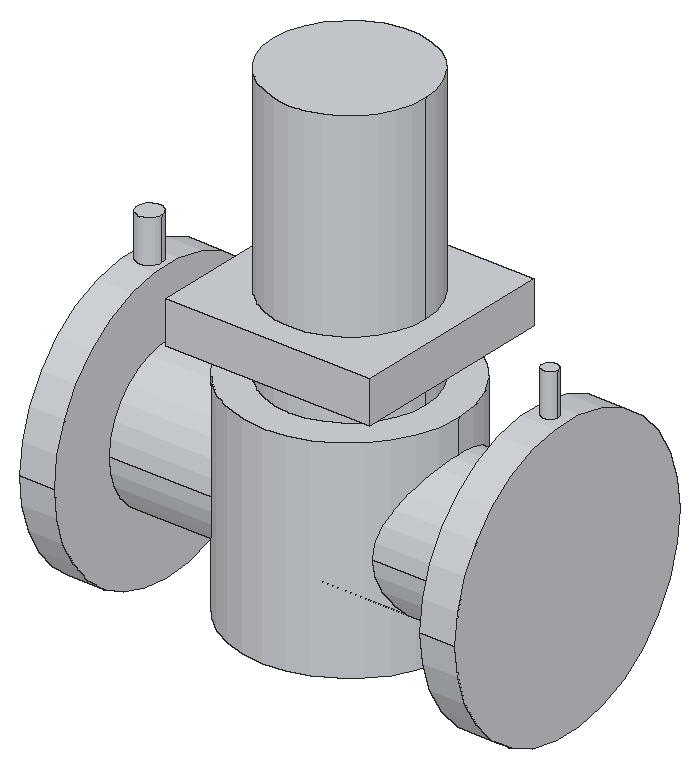
Revit family "PV_Compact_PN25_DN080_(20-100kPa)_RFA_2018", category Pipe Accessories, Revit 2018
Family settings
  Round Connector Dimension = Use Diameter
  Part Type = Valve - Breaks Into
  Work Plane-Based = No
  Always vertical = Yes
  Cut with Voids When Loaded = No
  Shared = No
Parameters (values of type "PV Compact PN25 DN080 (20-100kPa)")
  magiProductId = "a1826ed98cb744f2bf0249353d27a7"
  magiProductFamilyId = "7c5767a2a396495b8f1e69654734b4"
  magiPartTypeId = 304
  isMeasuringValve [instance] = no
  ang2D [instance] = 0.00°
  W2D = 50 mm
  VersionID = "2.0/2018.12.13.2/FRESE_PV_COMPACT_BIG_Q13_001"
  Use Minimum Symbol Size [instance] = no
  URL = "www.hydronic.cz"
  Type Comments = "PŘÍRUBOVÝ; PN25; dpmax=1000kPa; -10~+120°C"
  R4 = 54.25 mm
  R3 = 52 mm
  R1 = 77.5 mm
  QmdConnectorList = "301;D;302;D"
  Productdata [instance] = ""
  Manufacturer = "Hydronic Systems Prague s.r.o."
  Maintenance Zone Under Depth [instance] = 100 mm
  Maintenance Zone Right Depth [instance] = 100 mm
  Maintenance Zone Over Depth [instance] = 100 mm
  Maintenance Zone Left Depth [instance] = 100 mm
  Maintenance Zone Front Depth [instance] = 100 mm
  Maintenance Zone Back Depth [instance] = 100 mm
  Maintenance Zone Front Visibility [instance] = no
  MC Use Limits From Balancing Method = no
  MC Throttling Minimum Value = 0
  MC Throttling Maximum Value = 0
  MC Product Code = "53-3326 DN080 PN25; nastavitelný rozsah dp=20~100kPa; Q=7,5~30,0 m3/h;  kvs=67"
  MC Pressure Drop Minimum Value = 0.0 Pa
  MC Pressure Drop Maximum Value = 0.0 Pa
  MC Piping Given Pressure Drop [instance] = 0.0 Pa
  LF__ve = -LF  # -24.8 mm
  LF2 = 12.4 mm
  LF = 24.8 mm
  L4 = 145.7 mm
  L3 = 260.4 mm
  L2D_Min = 30.48 mm
  L2D = 230 mm
  L2 = 155 mm
  H6 = 141 mm
  H4 = 30 mm
  H3 = 25 mm
  H2 = 75 mm
  H1 = 150 mm
  Description = "Nastavitelný regulátor tlakové diference"
  DF2 = 100 mm
  D = 80 mm
  Clearance Zone Height Depth [instance] = 100 mm
  Clearance Zone Circular Radius [instance] = 155 mm
  Clearance Zone Visibility [instance] = no
  CAT0 = yes
Types (7, lengths in mm): name | magiProductId | Type Comments | R4 | R3 | R1 | MC Product Code | LF__ve | LF2 | LF | L4 | L3 | L2 | H6 | H4 | H3 | H2 | H1 | DF2 | D | Clearance Zone Circular Radius
  PV Compact PN25 DN050 (20-100kPa) | "c83fbc6219d94d148ccf13b963e54b" | "PŘÍRUBOVÝ; PN25; dpmax=1000kPa; -10~+120°C" | 40.25 | 42.9 | 57.5 | "53-3320 DN050 PN25; nastavitelný rozsah dp=20~100kPa; Q=3,2~13,0 m3/h;  kvs=29" | -18.4 | 9.2 | 18.4 | 108.1 | 193.2 | 115 | 82.25 | 24.75 | 20.625 | 61.875 | 123.75 | 82.5 | 50 | 115
  PV Compact PN25 DN065 (20-100kPa) | "130d70b5f9404660882d0b277b908a" | "PŘÍRUBOVÝ; PN25; dpmax=1000kPa; -10~+120°C" | 50.75 | 48.1 | 72.5 | "53-3323 DN065 PN25; nastavitelný rozsah dp=20~100kPa; Q=4,7~18,8 m3/h;  kvs=42" | -23.2 | 11.6 | 23.2 | 136.3 | 243.6 | 145 | 105.25 | 27.75 | 23.125 | 69.375 | 138.75 | 92.5 | 65 | 145
  PV Compact PN25 DN080 (20-100kPa) | "a1826ed98cb744f2bf0249353d27a7" | "PŘÍRUBOVÝ; PN25; dpmax=1000kPa; -10~+120°C" | 54.25 | 52 | 77.5 | "53-3326 DN080 PN25; nastavitelný rozsah dp=20~100kPa; Q=7,5~30,0 m3/h;  kvs=67" | -24.8 | 12.4 | 24.8 | 145.7 | 260.4 | 155 | 141 | 30 | 25 | 75 | 150 | 100 | 80 | 155
  PV Compact PN25 DN100 (20-100kPa) | "7cf36ffc9d0642d6874cd3d421d477" | "PŘÍRUBOVÝ; PN25; dpmax=1000kPa; -10~+120°C" | 61.25 | 61.1 | 87.5 | "53-3329 DN100 PN25; nastavitelný rozsah dp=20~100kPa; Q=12,9~51,4 m3/h;  kvs=115" | -28 | 14 | 28 | 164.5 | 294 | 175 | 234.75 | 35.25 | 29.375 | 88.125 | 176.25 | 117.5 | 100 | 175
  PV Compact PN25 DN125 (20-100kPa) | "79fb1938054147a099bb761cc75d0a" | "PŘÍRUBOVÝ; PN25; dpmax=1000kPa; -10~+120°C" | 70 | 70.2 | 100 | "53-3332 DN125 PN25; nastavitelný rozsah dp=20~100kPa; Q=19,0~76,0 m3/h;  kvs=170" | -32 | 16 | 32 | 188 | 336 | 200 | 225.5 | 40.5 | 33.75 | 101.25 | 202.5 | 135 | 125 | 200
  PV Compact PN25 DN150 (20-100kPa) | "9089b5560db447c5b770287446c8b2" | "PŘÍRUBOVÝ; PN25; dpmax=1000kPa; -10~+110°C" | 84 | 74.1 | 120 | "53-3335 DN150 PN25; nastavitelný rozsah dp=20~100kPa; Q=28,0~112 m3/h;  kvs=250" | -38.4 | 19.2 | 38.4 | 225.6 | 403.2 | 240 | 256.25 | 42.75 | 35.625 | 106.875 | 213.75 | 142.5 | 150 | 240
  PV Compact PN25 DN200 (20-100kPa) | "21d4a96559b243fabb2a9fe74f4fa1" | "PŘÍRUBOVÝ; PN25; dpmax=1000kPa; -10~+110°C" | 105 | 98.8 | 150 | "53-3338 DN200 PN25; nastavitelný rozsah dp=20~100kPa; Q=30,7~123 m3/h;  kvs=275" | -48 | 24 | 48 | 282 | 504 | 300 | 150 | 57 | 47.5 | 142.5 | 285 | 190 | 200 | 300
Reference planes
  plane 1 "Center (Front/Back)": y = 0
  plane 2 "XYPLANE": z = 0
  plane 3 "Center (Left/Right)": x = 0
  plane 4 "257": y = -100
  plane 5 "256": y = 100
  plane 6 "255": z = -100
  plane 7 "254": y = -200
  plane 8 "253": y = 200
  plane 9 "252": x = -255
  plane 10 "251": x = 255
  plane 11 "250": z = 371
  plane 12 "249": z = -200
  plane 13 "248": z = 371
  plane 14 "247": z = 271
  plane 15 "157": x = 142.6
  plane 16 "156": x = -142.6
  plane 17 "155": z = 100
  plane 18 "154": z = 130
  plane 19 "153": z = 100
  plane 20 "152": z = 75
  plane 21 "151": x = -130.2
  plane 22 "150": z = -75
  plane 23 "149": x = 0
  plane 24 "148": y = 0
  plane 25 "147": z = 0
  plane 26 "146": x = -155
  plane 27 "145": x = 155
Forms (mm)
  Blend 1, solid, visible <- "Maintenance Zone Front Visibility"
    base sketch origin (-750, 0, -200) x (1, 0, 0) y (0, 1, 0)
      loop
        line (495, 200) -> (495, -200) -> (1005, -200) -> (1005, 200) -> (495, 200)
    top sketch origin (-750, 0, -200) x (1, 0, 0) y (0, 1, 0)
      loop
        line (495, 200) -> (495, -200) -> (1005, -200) -> (1005, 200) -> (495, 200)
    from 0 to 571
  Blend 2, solid, visible <- "Clearance Zone Visibility"
    base sketch origin (-750, 0, 0) x (1, 0, 0) y (0, 1, 0)
      loop
        circle (750, 0) r 155
    top sketch origin (-750, 0, 0) x (1, 0, 0) y (0, 1, 0)
      loop
        circle (750, 0) r 155
    from 0 to 371
  Extrusion 3, solid, visible <- "CAT0"
    sketch origin (-750, 0, 100) x (1, 0, 0) y (0, 1, 0)
      loop
        circle (892.6, 0) r 5.5
    from 0 to 30
  Extrusion 4, solid, visible <- "CAT0"
    sketch origin (-750, 0, 100) x (1, 0, 0) y (0, 1, 0)
      loop
        circle (607.4, 0) r 8.7
    from 0 to 30
  Extrusion 5, solid
    sketch origin (-750, 0, 130) x (1, 0, 0) y (0, 1, 0)
      loop
        circle (750, 0) r 54.25
    from 0 to 141 <- "H6"
  Extrusion 6, solid, visible <- "CAT0"
    sketch origin (-750, 0, 100) x (1, 0, 0) y (0, 1, 0)
      loop
        line (822.85, 72.85) -> (677.15, 72.85) -> (677.15, -72.85) -> (822.85, -72.85) -> (822.85, 72.85)
    from 0 to 30 <- "H4"
  Extrusion 7, solid, visible <- "CAT0"
    sketch origin (-750, 0, 75) x (1, 0, 0) y (0, 1, 0)
      loop
        circle (750, 0) r 54.25
    from 0 to 25 <- "H3"
  Extrusion 8, solid, visible <- "CAT0"
    sketch origin (-130.2, -750, 0) x (0, 1, 0) y (0, 0, 1)
      loop
        circle (750, 0) r 52
    from 0 to 260.4 <- "L3"
  Extrusion 9, solid, visible <- "CAT0"
    sketch origin (-750, 0, -75) x (1, 0, 0) y (0, 1, 0)
      loop
        circle (750, 0) r 77.5
    from 0 to 150 <- "H1"
  Extrusion 10, solid, visible <- "CAT0"
    sketch origin (-155, -750, 0) x (0, 1, 0) y (0, 0, 1)
      loop
        circle (750, 0) r 100
    from 0 to 24.8 <- "LF"
  Extrusion 11, solid, visible <- "CAT0"
    sketch origin (155, -750, 0) x (0, 1, 0) y (0, 0, 1)
      loop
        circle (750, 0) r 100
    from 0 to -24.8 <- "LF__ve"
  Extrusion 12, solid, not visible
    sketch origin (-155, -750, 0) x (0, 1, 0) y (0, 0, 1)
      loop
        circle (750, 0) r 10
    from 0 to 10
  Extrusion 13, solid, not visible
    sketch origin (155, -750, 0) x (0, 1, 0) y (0, 0, 1)
      loop
        circle (750, 0) r 10
    from 0 to -10
Lines and regions (mm)
  reference lines, not visible
    curve 1: circle (2, 2, 0) r 1 normal (0, 0, 1)
  reference lines
    curve 2: circle (0, 0, 100) r 1 normal (0, 0, 1)
Dimensions and locks
  plane 1 "Center (Front/Back)" to curve 1 = 2 mm
  "DF2": plane 24 "148" to plane 4 "257"
  "DF2": plane 24 "148" to plane 5 "256"
  "DF2": plane 25 "147" to plane 6 "255"
  "Maintenance Zone Front Depth": plane 4 "257" to plane 7 "254"
  "Maintenance Zone Back Depth": plane 5 "256" to plane 8 "253"
  "Maintenance Zone Left Depth": plane 26 "146" to plane 9 "252"
  "Maintenance Zone Right Depth": plane 27 "145" to plane 10 "251"
  "Maintenance Zone Over Depth": plane 14 "247" to plane 11 "250"
  "Maintenance Zone Under Depth": plane 6 "255" to plane 12 "249"
  "Clearance Zone Height Depth": plane 14 "247" to plane 13 "248"
  "H6": plane 18 "154" to plane 14 "247"
  "LF2": plane 27 "145" to plane 15 "157"
  "LF2": plane 26 "146" to plane 16 "156"
  "DF2": plane 2 "XYPLANE" to plane 17 "155"
  "H4": plane 19 "153" to plane 18 "154"
  "H3": plane 20 "152" to plane 19 "153"
  "H1": plane 22 "150" to plane 20 "152"
  "LF": plane 26 "146" to plane 21 "151"
  "H2": plane 2 "XYPLANE" to plane 22 "150"
  locked: plane 3 "Center (Left/Right)" to plane 23 "149"
  locked: plane 1 "Center (Front/Back)" to plane 24 "148"
  locked: plane 2 "XYPLANE" to plane 25 "147"
  "L2": plane 3 "Center (Left/Right)" to plane 26 "146"
  "L2": plane 3 "Center (Left/Right)" to plane 27 "145"
  Blend 1 sketch curve to Blend 1 sketch curve = 0 mm  (x16)
  equal spacing: Extrusion 6 sketch curve, curve 2, Extrusion 6 sketch curve  (x2)
  "L4": Extrusion 6 sketch curve to Extrusion 6 sketch curve  (x2)
  Extrusion 6 sketch curve to Extrusion 6 sketch curve = 0 mm  (x8)
  "Clearance Zone Circular Radius": radius of Blend 2 sketch curve  (x2)
  "R4": radius of Extrusion 5 sketch curve
  "R4": radius of Extrusion 7 sketch curve
  "R3": radius of Extrusion 8 sketch curve
  "R1": radius of Extrusion 9 sketch curve
  "DF2": radius of Extrusion 10 sketch curve
  "DF2": radius of Extrusion 11 sketch curve
  aligned and locked: level to plane 2 "XYPLANE"
  aligned and locked: Blend 1 sketch curve to plane 8 "253"  (x2)
  aligned and locked: plane 9 "252" to Blend 1 sketch curve  (x4)
  aligned and locked: plane 10 "251" to Blend 1 sketch curve  (x4)
  aligned and locked: plane 8 "253" to Blend 1 sketch curve  (x2)
  aligned and locked: plane 7 "254" to Blend 1 sketch curve  (x4)
  aligned and locked: plane 11 "250" to Blend 1
  aligned and locked: plane 23 "149" to Blend 2 sketch curve  (x2)
  aligned and locked: plane 24 "148" to Blend 2 sketch curve  (x2)
  aligned and locked: plane 13 "248" to Blend 2
  aligned and locked: plane 15 "157" to Extrusion 3 sketch curve
  aligned and locked: plane 24 "148" to Extrusion 3 sketch curve
  aligned and locked: plane 16 "156" to Extrusion 4 sketch curve
  aligned and locked: plane 24 "148" to Extrusion 4 sketch curve
  aligned and locked: plane 23 "149" to Extrusion 5 sketch curve
  aligned and locked: plane 24 "148" to Extrusion 5 sketch curve
  aligned and locked: plane 23 "149" to curve 2
  aligned and locked: plane 24 "148" to curve 2
  aligned and locked: plane 23 "149" to Extrusion 7 sketch curve
  aligned and locked: plane 24 "148" to Extrusion 7 sketch curve
  aligned and locked: Extrusion 8 sketch curve to plane 24 "148"
  aligned and locked: plane 25 "147" to Extrusion 8 sketch curve
  aligned and locked: plane 23 "149" to Extrusion 9 sketch curve
  aligned and locked: plane 24 "148" to Extrusion 9 sketch curve
  aligned and locked: Extrusion 10 sketch curve to plane 24 "148"
  aligned and locked: plane 25 "147" to Extrusion 10 sketch curve
  aligned and locked: Extrusion 11 sketch curve to plane 24 "148"
  aligned and locked: plane 25 "147" to Extrusion 11 sketch curve
  aligned and locked: Extrusion 12 sketch curve to plane 24 "148"
  aligned and locked: plane 25 "147" to Extrusion 12 sketch curve
  aligned and locked: Extrusion 13 sketch curve to plane 24 "148"
  aligned and locked: plane 25 "147" to Extrusion 13 sketch curve
Automatic sketch dimensions
  Extrusion 3 sketch curve to plane 15 "157" = 5.5 mm
  plane 26 "146" to Extrusion 4 sketch curve = 3.7 mm
  plane 1 "Center (Front/Back)" to Extrusion 12 sketch curve = 10 mm
  plane 1 "Center (Front/Back)" to Extrusion 13 sketch curve = 10 mm
  plane 3 "Center (Left/Right)" to curve 1 = 2 mm
  plane 21 "151" to Extrusion 6 sketch curve = 57.35 mm
  plane 4 "257" to Extrusion 6 sketch curve = 27.15 mm
  radius of curve 2 = 1 mm
  radius of curve 1 = 1 mm
Connectors
  piping at (-155, 0, 0), diameter 80, driven by "D"
    settings: on Extrusion 12, index 1, connector inside diameter 609.6 mm, connector length 0 mm, flow factor 0, pipe flow 0.0 L/s, pressure drop 0.0 Pa, fitting loss kfactor 0, connector angle 0.00°, fixture units 0, engagement length 0 mm, angle of deflection 0.00°, flow configuration 0, flow direction 0, fitting loss method 0, system type 29, joint type 0, gender type 0, connector reference index 2, connector utility 0, adjustable connector no, is connector primary yes, connector description ""
  piping at (155, 0, 0), diameter 80, driven by "D"
    settings: on Extrusion 13, index 2, connector inside diameter 609.6 mm, connector length 0 mm, flow factor 0, pipe flow 0.0 L/s, pressure drop 0.0 Pa, fitting loss kfactor 0, connector angle 0.00°, fixture units 0, engagement length 0 mm, angle of deflection 0.00°, flow configuration 0, flow direction 0, fitting loss method 0, system type 29, joint type 0, gender type 0, connector reference index 1, connector utility 0, adjustable connector no, is connector primary no, connector description ""
